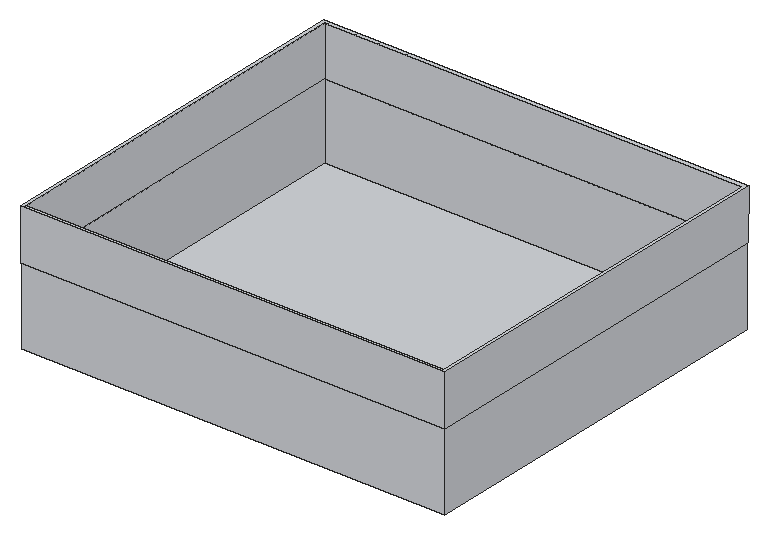
Revit family "Hager-Vega_D-IP30-vide-FR-fr", category Electrical Equipment, host Face, Revit 2020
Family settings
  Host = Face
  Panel Configuration = Two Columns, Circuits Across
  Round Connector Dimension = Use Diameter
  Part Type = Panelboard
  Cut with Voids When Loaded = No
  Shared = No
  Room Calculation Point = No
Parameters (values of type "Encastré IP30 L600 H537 P182 24 Modules - FU22AN")
  Width Control [instance] = if([HG000006 - Encastré], if([EF000846 - largeur d'encastrement] > min_whd, [EF000846 - largeur d'encastrement], min_whd), if([EF000008 - largeur] > min_whd, ([EF000008 - largeur]), min_whd))  # 600 mm
  Void Depth [instance] = if([HG000006 - Encastré], Depth Control, 1 mm)  # 110 mm
  Type Comments = [HG000003 - Gamme]  # "Vega D"
  System Height [instance] = Height Control - 2 * [HG000005 - Epaisseur]  # 531 mm
  Model = [HG000004 - Référence fabricant]  # "FU22AN"
  HG000017 - Distance entre pôles = 18 mm
  HG000016 - Visibilité de la porte 3D [instance] = yes
  HG000015 - Visibilité de l'emprise de la porte [instance] = no
  HG000014 - Porte à droite [instance] = yes
  HG000013 - Porte à gauche [instance] = not([HG000014 - Porte à droite])  # no
  HG000012 - Angle de pivotement de la porte [instance] = 45.00°
  HG000011 - Rangées du bas vides = no
  HG000010 - Portes asymétriques = no
  HG000009 - Porte à double battant = no
  HG000008 - Nombre de rangées vides = 0
  HG000007 - Nombre de colonnes vides = 0
  HG000006 - Encastré = yes
  HG000005 - Epaisseur = 3 mm  # constant formula
  HG000004 - Référence fabricant = "FU22AN"
  HG000003 - Gamme = "Vega D"
  HG000002 - avec porte = no
  HG000001 - nombre de colonnes = 0
  EF015941 - porte pour transmission du signal = no
  EF015777 - borne à conducteur neutre = no
  EF015776 - borne de mise à la terre = no
  EF009212 - finition du couvercle = "EV009916 - avec échancrure"
  EF006306 - avec serrure = no
  EF006244 - couvercle/porte transparent(e) = no
  EF005474 - indice de protection (IP) = "EV006410 - IP30"
  EF004462 - type de fermeture = ""
  EF002950 - largeur en nombre de modules = 24
  EF001596 - matériau du boîtier/corps = "EV000154 - autre"
  EF001134 - rail DIN = yes
  EF001131 - profondeur intérieure = 110 mm
  EF001088 - possibilité de montage en saillie = yes
  EF001062 - finition CEM = no
  EF000846 - largeur d'encastrement = 600 mm
  EF000339 - type de capot = "EV000494 - sans"
  EF000332 - hauteur d'encastrement = 537 mm
  EF000266 - nombre de rangées = 0
  EF000218 - profondeur d'encastrement = 110 mm
  EF000118 - avec cadre/support de montage = no
  EF000116 - numéro RAL = "9010"
  EF000049 - profondeur = 182 mm
  EF000040 - hauteur = 537 mm
  EF000008 - largeur = 600 mm
  EF000007 - couleur = "EV000202 - blanc"
  EF000003 - mode de pose = "EV000383 - encastré"
  Arrow Offset [instance] = Depth Control / 8  # 13.75 mm
  Arrow Height [instance] = Depth Control - Arrow Offset  # 96.25 mm
  Host Offset [instance] = if([HG000006 - Encastré], 0 mm, [EF000049 - profondeur])  # 0 mm
  min_whd [instance] = (2 * [HG000005 - Epaisseur]) + 1 mm  # 7 mm
  Manufacturer = "Hager"  # constant formula
  Height Control [instance] = if([HG000006 - Encastré], if([EF000332 - hauteur d'encastrement] > min_whd, [EF000332 - hauteur d'encastrement], min_whd), if([EF000040 - hauteur] > min_whd, ([EF000040 - hauteur]), min_whd))  # 537 mm
  Flush Mounted - Door Frame Width [instance] = if(([EF000040 - hauteur] - [EF000332 - hauteur d'encastrement]) > 0 mm, if([HG000006 - Encastré], [EF000040 - hauteur] - [EF000332 - hauteur d'encastrement], 0 mm), 0 mm)  # 0 mm
  Depth Control [instance] = if([HG000006 - Encastré], if([EF000218 - profondeur d'encastrement] > 0 mm, [EF000218 - profondeur d'encastrement], 1 mm), if([EF000049 - profondeur] > 0 mm, ([EF000049 - profondeur]), 1 mm))  # 110 mm
  Default Elevation = 0 mm
Reference planes
  plane 1 "Center (Front/Back)": y = 0
  plane 2: z = 0
  plane 3 "Center (Left/Right)": x = 0
  plane 4: z = 0
  plane 5: y = 3
  plane 6: z = -5
  plane 7: y = 268.5
  plane 8: y = 0
  plane 9: y = 537
  plane 10: z = -110
  plane 11: x = -300
  plane 12: x = 300
  plane 13: x = 297
  plane 14: x = -297
  plane 15: y = 534
  plane 16: z = -107
  plane 17: z = -3
  plane 18: z = -110
  plane 19: z = -3
Forms (mm)
  Extrusion 1, solid
    sketch origin (-583.045, 0, 1219.2) x (-1, 0, 0) y (0, 0, 1)
      loop
        line (-283.045, -1219.2) -> (-883.045, -1219.2) -> (-883.045, -1329.2) -> (-283.045, -1329.2) -> (-283.045, -1219.2)
    from 0 to 537 <- "Height Control"
  Extrusion 2, void
    sketch origin (-381.607, -4572, 0) x (0, -1, 0) y (-1, 0, 0)
      loop
        line (-5106, -84.607) -> (-5106, -678.607) -> (-4575, -678.607) -> (-4575, -84.607) -> (-5106, -84.607)
    from 0 to 107
  Extrusion 3, void
    sketch origin (0, 0, 0) x (1, 0, 0) y (0, 1, 0)
      loop
        line (-300, 0) -> (300, 0) -> (300, 537) -> (-300, 537) -> (-300, 0)
    from -110 to 1
  Extrusion 4, solid, detail levels coarse+medium
    sketch origin (-381.607, -4572, 0) x (-1, 0, 0) y (0, -1, 0)
      loop
        line (-84.607, -5106) -> (-84.607, -4575) -> (-678.607, -4575) -> (-678.607, -5106) -> (-84.607, -5106)
    from 0 to -3
Cuts and joins
  Extrusion 2 cuts Extrusion 1
Dimensions and locks
  plane 4 to plane 6 = 5 mm
  "Host Offset": plane 4 to host face
  "Flush Mounted - Door Frame Width": plane 1 "Center (Front/Back)" to plane 8
  "HG000005 - Epaisseur": plane 5 to plane 8
  locked: connector elem to plane 3 "Center (Left/Right)"
  "Height Control": plane 9 to plane 8
  equal spacing: plane 9, plane 7, plane 8
  locked: connector elem to plane 7
  "Depth Control": plane 4 to plane 10
  "HG000005 - Epaisseur": plane 11 to plane 14
  "HG000005 - Epaisseur": plane 12 to plane 13
  equal spacing: plane 11, plane 3 "Center (Left/Right)", plane 12
  "Width Control": plane 11 to plane 12
  "Arrow Offset": nested 4 to plane 10
  "HG000005 - Epaisseur": plane 9 to plane 15
  "HG000005 - Epaisseur": plane 16 to plane 10
  "HG000005 - Epaisseur": plane 4 to plane 17
  "Void Depth": plane 2 to plane 18
  "HG000005 - Epaisseur": plane 4 to plane 19
  aligned and locked: plane 2 to host face
  aligned and locked: level to host face
  aligned and locked: plane 3 "Center (Left/Right)" to nested 2
  aligned and locked: nested 2 to plane 4
  aligned and locked: nested 2 to plane 8
  aligned and locked: nested 1 to plane 6
  aligned and locked: nested 1 to plane 5
  aligned and locked: nested 4 to plane 11
  aligned and locked: nested 3 to plane 4
  aligned and locked: Extrusion 1 sketch curve to plane 12
  aligned and locked: Extrusion 1 sketch curve to plane 11
  aligned and locked: nested 3 to plane 10
  aligned and locked: plane 10 to Extrusion 1 sketch curve
  aligned and locked: Extrusion 2 sketch curve to plane 5
  aligned and locked: Extrusion 2 sketch curve to plane 15
  aligned and locked: Extrusion 2 sketch curve to plane 14
  aligned and locked: Extrusion 2 sketch curve to plane 13
  aligned and locked: plane 11 to Extrusion 3 sketch curve
  aligned and locked: plane 9 to Extrusion 3 sketch curve
  aligned and locked: Extrusion 3 sketch curve to plane 8
  aligned and locked: plane 12 to Extrusion 3 sketch curve
  aligned and locked: nested 3 to plane 12
  aligned and locked: Extrusion 3 to plane 18
  aligned and locked: Extrusion 2 to plane 16
  aligned and locked: Extrusion 1 sketch curve to plane 4
  aligned and locked: Extrusion 4 to plane 17
  aligned and locked: Extrusion 4 sketch curve to plane 15
  aligned and locked: Extrusion 4 sketch curve to plane 13
  aligned and locked: Extrusion 4 sketch curve to plane 14
  aligned and locked: Extrusion 4 sketch curve to plane 5
Automatic sketch dimensions
  host sketch curve to host sketch curve = 1469.727 mm
  host sketch curve to host sketch curve = 1434.803 mm
Nested families
  nested 1: "Hager_Enclosure_System" at (0, 3, -5) x (1, 0, 0) z (0, 1, 0), Depth <- "HG000005 - Epaisseur", Height <- "System Height", Width <- "EF000008 - largeur", Border <- "HG000005 - Epaisseur", Flush_Mounted <- "HG000006 - Encastré", Built-in_Width <- "EF000846 - largeur d'encastrement", Row_Module_Multiplicator <- "EF002950 - largeur en nombre de modules", Total_No_Empty_Rows <- "HG000008 - Nombre de rangées vides", Total_No_Rows <- "EF000266 - nombre de rangées", Empty_Columns <- "HG000007 - Nombre de colonnes vides", Width_Control <- "Width Control", Empty_Rows_From_Bottom <- "HG000011 - Rangées du bas vides", Distance_Between_Poles <- "HG000017 - Distance entre pôles", Rows_Count <- "EF000266 - nombre de rangées", Columns_Count <- "HG000001 - nombre de colonnes", type "Hager_Enclosure_System", detail levels fine
    with Width_Control 600 mm, Width 600 mm, Total_No_Rows 0, Total_No_Empty_Rows 0, Total_No_Columns 1, System_Width 594 mm, Rows_Count 0, Rows_Column 0, Row_Module_Multiplicator 24, Panel_4 no, Panel_3 no, Panel_2 no, Panel_1 no, No_Panels_Ctrl 1, Hide_Columns yes, Height 531 mm, Flush_Mounted yes, Empty_Rows_From_Bottom no, Empty_Rows_Column 0, Empty_Columns 0, Distance_Between_Poles 18 mm, Depth 3 mm, Columns_Count 0, Column_Width 594 mm, Built-in_Width 600 mm, Border 3 mm
  nested 2: "Hager_Enclosure_Door" at (0, 0, 0) x (1, 0, 0) z (0, 1, 0), Border <- "HG000005 - Epaisseur", Door_Right <- "HG000014 - Porte à droite", Flush_Mounted <- "HG000006 - Encastré", Depth <- "EF000049 - profondeur", Width <- "EF000008 - largeur", Door_Left <- "HG000013 - Porte à gauche", 3d_Door <- "HG000016 - Visibilité de la porte 3D", BuiltIn_Width <- "EF000846 - largeur d'encastrement", BuiltIn_Height <- "EF000332 - hauteur d'encastrement", BuiltIn_Depth <- "EF000218 - profondeur d'encastrement", Angle <- "HG000012 - Angle de pivotement de la porte", Assymetrical <- "HG000010 - Portes asymétriques", Double <- "HG000009 - Porte à double battant", Clearance <- "HG000015 - Visibilité de l'emprise de la porte", Transparent <- "EF006244 - couvercle/porte transparent(e)", Door <- "HG000002 - avec porte", Height_Ctrl <- "Height Control", Width_Ctrl <- "Width Control", Height <- "EF000040 - hauteur", type "Hager_Enclosure_Door", detail levels medium+fine
    with min_wh 7 mm, Width_Ctrl 600 mm, Width 600 mm, Transparent_Door_No_Bottom_Border no, Transparent no, Leaf_Width 591 mm, Leaf_Tolerance 1.5 mm, Leaf_Height 528 mm, Leaf_2_Width 591 mm, Leaf_2_Offset 295.5 mm, Leaf_1_Width 591 mm, Leaf_1_Offset 295.5 mm, Height_Ctrl 537 mm, Height 537 mm, Frame_Width_Ctrl 1 mm, Frame_Width 0 mm, Frame_Internal_Offset 3 mm, Frame_Height_Ctrl 1 mm, Frame_Height 0 mm, Frame_Depth_Ctrl 72 mm, Frame_Depth 72 mm, Flush_Mounted yes, Double_Clearance_Ctrl no, Double no, Door_Right_Ctrl no, Door_Right yes, Door_Left_Ctrl no, Door_Left no, Door no, Depth 182 mm, Clearance_Depth 591 mm, Clearance_Ctrl no, Clearance no, BuiltIn_Width 600 mm, BuiltIn_Height 537 mm, BuiltIn_Depth 110 mm, Border 3 mm, Assymetrical no, Angle 45.00°, 3d_Door yes
  nested 3: "Hager_Enclosure_Symbol_Triangle" at (-300, 0, -110) x (1, 0, 0) z (0, -1, 0), Depth <- "Depth Control", Width <- "Width Control", type "Hager_Enclosure_Symbol_Triangle"
    with Width_Ctrl 600 mm, Width 600 mm, Depth_Ctrl 110 mm, Depth 110 mm
  nested 4: "Hager_Enclosure_Symbol_Arrow" at (-300, 0, -96.25) x (1, 0, 0) z (0, -1, 0), Height <- "Arrow Height", type "Hager_Enclosure_Symbol_Arrow"
    with Width_Inside 7.219 mm, Width 86.625 mm, Height_Ctrl 96.25 mm, Height 96.25 mm
Connectors
  electrical at (0, 268.5, -110)
    settings: on plane 10, index 1, voltage 0 V, apparent load 0 VA, apparent load phase1 0 VA, apparent load phase2 0 VA, apparent load phase3 0 VA, power factor 1, load classification "Other", number of poles 1, system type 30, power factor state 1, is connector primary yes, connector utility no, sub classification motor no, connector description ""
Definition of nested family "Hager_Enclosure_Door"
  Parameters (values of type "Hager_Enclosure_Door")
    min_wh [instance] = (2 * Border) + 1 mm  # 11 mm
    Width_Ctrl [instance] = 400 mm
    Width [instance] = 500 mm
    Transparent_Door_No_Bottom_Border [instance] = no
    Transparent [instance] = yes
    Leaf_Width [instance] = if((Width_Ctrl - 2 * Border - 2 * Leaf_Tolerance) > 0 mm, (Width_Ctrl - 2 * Border - 2 * Leaf_Tolerance), min_wh)  # 387 mm
    Leaf_Tolerance [instance] = 1.5 mm  # constant formula
    Leaf_Height [instance] = if((Height_Ctrl - 2 * Border - 2 * Leaf_Tolerance) > 0 mm, (Height_Ctrl - 2 * Border - 2 * Leaf_Tolerance), min_wh)  # 387 mm
    Leaf_2_Width [instance] = if(and(and(Double, Assymetrical), Door_Left), (Leaf_Width / 3) - (Leaf_Tolerance / 2), if(and(and(Double, Assymetrical), Door_Right), (Leaf_Width / 3) * 2 - (Leaf_Tolerance / 2), if(and(Double, not(Assymetrical)), (Leaf_Width / 2) - Leaf_Tolerance, Leaf_Width)))  # 387 mm
    Leaf_2_Offset [instance] = if(and(Double, Assymetrical), Leaf_2_Width / 2, if(and(Double, not(Assymetrical)), Leaf_Width / 4, Leaf_Width / 2))  # 193.5 mm
    Leaf_1_Width [instance] = if(and(and(Double, Assymetrical), Door_Right), (Leaf_Width / 3) - (Leaf_Tolerance / 2), if(and(and(Double, Assymetrical), Door_Left), (Width / 3) * 2 - (Leaf_Tolerance / 2), if(and(Double, not(Assymetrical)), (Leaf_Width / 2) - Leaf_Tolerance, Leaf_Width)))  # 387 mm
    Leaf_1_Offset [instance] = if(and(Double, Assymetrical), Leaf_1_Width / 2, if(and(Double, not(Assymetrical)), Leaf_Width / 4, Leaf_Width / 2))  # 193.5 mm
    Height_Ctrl [instance] = 400 mm
    Height [instance] = 500 mm
    Frame_Width_Ctrl [instance] = if(Frame_Width > 0 mm, Frame_Width, 1 mm)  # 1 mm
    Frame_Width [instance] = Width - BuiltIn_Width  # 0 mm
    Frame_Internal_Offset [instance] = if(Flush_Mounted, Border, 0 mm)  # 5 mm
    Frame_Height_Ctrl [instance] = if(Frame_Height > 0 mm, Frame_Height, 1 mm)  # 1 mm
    Frame_Height [instance] = Height - BuiltIn_Height  # 0 mm
    Frame_Depth_Ctrl [instance] = if(Frame_Depth > 0 mm, Frame_Depth, 1 mm)  # 1 mm
    Frame_Depth [instance] = if(Depth - BuiltIn_Depth > 0 mm, if(Flush_Mounted, Depth - BuiltIn_Depth, 0 mm), 0 mm)  # 0 mm
    Flush_Mounted [instance] = yes
    Double_Clearance_Ctrl [instance] = and(Double, Clearance)  # no
    Double [instance] = no
    Door_Right_Ctrl [instance] = and(or(Door_Right, Double), Door)  # yes
    Door_Right [instance] = yes
    Door_Left_Ctrl [instance] = and(or(Door_Left, Double), Door)  # no
    Door_Left [instance] = no
    Door [instance] = yes
    Depth [instance] = 500 mm
    Default Elevation = 1219.2 mm
    Clearance_Material = none
    Clearance_Depth [instance] = if(Leaf_1_Width > Leaf_2_Width, Leaf_1_Width, Leaf_2_Width)  # 387 mm
    Clearance_Ctrl [instance] = and(not(Double), Clearance)  # yes
    Clearance [instance] = yes
    BuiltIn_Width [instance] = 500 mm
    BuiltIn_Height [instance] = 500 mm
    BuiltIn_Depth [instance] = 500 mm
    Border [instance] = 5 mm
    Assymetrical [instance] = yes
    Angle [instance] = 30.00°
    3d_Door [instance] = yes
  Reference planes
    plane 1 "Center (Front/Back)": y = 0
    plane 2 "Bottom": z = 0
    plane 3 "Center (Left/Right)": x = 0
    plane 4: z = 400
    plane 5: x = -200
    plane 6: x = 200
    plane 7: z = 395
    plane 8: x = -195
    plane 9: z = 5
    plane 10: x = 195
    plane 11: y = 0
    plane 12: z = 6.5
    plane 13: x = -582
    plane 14: y = -387
    plane 15: x = 582
    plane 16: x = 0
    plane 17: x = 0
    plane 18: x = -193.5
    plane 19: x = 193.5
    plane 20: z = 393.5
  Forms (mm)
    Extrusion 1, solid, visible <- "Flush_Mounted"
      sketch origin (0, 0, 0) x (1, 0, 0) y (0, 0, 1)
        loop
          line (195, 5) -> (195, 395) -> (-195, 395) -> (-195, 5) -> (195, 5)
        loop
          line (-201, 401) -> (-201, -1) -> (201, -1) -> (201, 401) -> (-201, 401)
      from 0 to 1 <- "Frame_Depth_Ctrl"
    Extrusion 2, solid, material <- "Clearance_Material", visible <- "Double_Clearance_Ctrl"
      sketch origin (1200, 0, 0) x (1, 0, 0) y (0, 0, -1)
        loop
          line (-1782, -393.5) -> (-618, -393.5) -> (-618, 0) -> (-1782, 0) -> (-1782, -393.5)
      from 0 to -387
  Dimensions and locks
    equal spacing: plane 5, plane 3 "Center (Left/Right)", plane 6
    "Width_Ctrl": plane 5 to plane 6
    "Border": plane 5 to plane 8
    "Border": plane 6 to plane 10
    "Border": plane 9 to level
    "Border": plane 4 to plane 7
    "Height_Ctrl": plane 4 to level
    "Leaf_Tolerance": plane 12 to plane 9
    "Frame_Depth": plane 11 to plane 1 "Center (Front/Back)"
    "Frame_Width_Ctrl": plane 5 to Extrusion 1 sketch curve
    "Frame_Width_Ctrl": plane 6 to Extrusion 1 sketch curve
    "Frame_Width_Ctrl": Extrusion 1 sketch curve to plane 4
    "Frame_Width_Ctrl": plane 2 "Bottom" to Extrusion 1 sketch curve
    "Leaf_1_Offset": plane 18 to plane 16
    "Leaf_2_Offset": plane 17 to plane 19
    "Leaf_1_Width": plane 13 to plane 8
    "Leaf_2_Width": plane 10 to plane 15
    "Clearance_Depth": plane 14 to plane 1 "Center (Front/Back)"
    "Leaf_Tolerance": plane 8 to plane 18
    "Leaf_Tolerance": plane 19 to plane 10
    "Leaf_Tolerance": plane 7 to plane 20
    "Frame_Internal_Offset": plane 5 to Extrusion 1 sketch curve
    "Frame_Internal_Offset": Extrusion 1 sketch curve to plane 2 "Bottom"
    "Frame_Internal_Offset": plane 6 to Extrusion 1 sketch curve
    "Frame_Internal_Offset": plane 4 to Extrusion 1 sketch curve
    aligned and locked: level to plane 2 "Bottom"
    aligned and locked: nested 1 to plane 16
    aligned and locked: nested 2 to plane 17
    aligned and locked: Extrusion 2 to plane 13
    aligned and locked: plane 15 to Extrusion 2
    aligned and locked: Extrusion 2 to plane 14
    aligned and locked: plane 12 to nested 1
    aligned and locked: nested 2 to plane 12
    aligned and locked: Extrusion 2 to plane 11
    aligned and locked: plane 20 to Extrusion 2
    aligned and locked: nested 2 to plane 11
    aligned and locked: nested 1 to plane 11
  Automatic sketch dimensions
    Extrusion 2 sketch curve to level = 0 mm
    plane 5 to Extrusion 2 sketch curve = 382 mm
    plane 6 to Extrusion 2 sketch curve = 382 mm
    Extrusion 2 sketch curve to plane 4 = 6.5 mm
  Nested families
    nested 1: "Hager_Enclosure_Door_Leaf" at (0, 0, 6.5), Width <- "Leaf_1_Width", visible <- "Door_Left_Ctrl", Leaf_Height <- "Leaf_Height", Angle <- "Angle", Depth <- "Border", 3d_Door <- "3d_Door", Transparent <- "Transparent", Clearance Material <- "Clearance_Material", Clearance <- "Clearance_Ctrl", Transparent_Door_No_Bottom_Border <- "Transparent_Door_No_Bottom_Border", type "Hager_Enclosure_Door_Leaf"
      with Width 387 mm, Transparent_Door_No_Bottom_Border no, Transparent_Door_Border_Bottom_Top 25 mm, Transparent_Door_Border 25 mm, Transparent_Ctrl yes, Transparent yes, Standard no, Leaf_Height 387 mm, Glass_Offset 1 mm, Depth 5 mm, Clearance Material none, Clearance yes, Angle_Ctrl 30.00°, Angle 30.00°, 3d_Door yes
    nested 2: "Hager_Enclosure_Door_Leaf" at (0, 0, 6.5) x (-1, 0, 0) z (0, 0, 1), Width <- "Leaf_2_Width", visible <- "Door_Right_Ctrl", Leaf_Height <- "Leaf_Height", Angle <- "Angle", Depth <- "Border", 3d_Door <- "3d_Door", Transparent <- "Transparent", Clearance Material <- "Clearance_Material", Clearance <- "Clearance_Ctrl", Transparent_Door_No_Bottom_Border <- "Transparent_Door_No_Bottom_Border", type "Hager_Enclosure_Door_Leaf"
      with Width 387 mm, Transparent_Door_No_Bottom_Border no, Transparent_Door_Border_Bottom_Top 25 mm, Transparent_Door_Border 25 mm, Transparent_Ctrl yes, Transparent yes, Standard no, Leaf_Height 387 mm, Glass_Offset 1 mm, Depth 5 mm, Clearance Material none, Clearance yes, Angle_Ctrl 30.00°, Angle 30.00°, 3d_Door yes
  Definition of nested family "Hager_Enclosure_Door_Leaf"
    Parameters (values of type "Hager_Enclosure_Door_Leaf")
      Width [instance] = 2000 mm
      Transparent_Door_No_Bottom_Border [instance] = yes
      Transparent_Door_Border_Bottom_Top [instance] = if(Transparent_Door_No_Bottom_Border, 0.1 mm, Transparent_Door_Border)  # 0.1 mm
      Transparent_Door_Border [instance] = if(Transparent_Door_No_Bottom_Border, (Width * 0.12), 25 mm)  # 240 mm
      Transparent_Ctrl [instance] = and(Transparent, [3d_Door])  # yes
      Transparent [instance] = yes
      Standard [instance] = and(not(Transparent), [3d_Door])  # no
      Leaf_Height [instance] = 2720.336 mm
      Glass_Offset [instance] = if((Depth - 10 mm) / 2 > 0 mm, (Depth - 10 mm) / 2, 1 mm)  # 15 mm
      Glass_Material = none
      Depth [instance] = 40 mm
      Default Elevation = 0 mm
      Clearance Material [instance] = none
      Clearance [instance] = yes
      Angle_Ctrl [instance] = if(Angle > 170.00°, 170.00°, Angle)  # 45.00°
      Angle [instance] = 45.00°
      3d_Door [instance] = yes
    Reference planes
      plane 1 "Center (Front/Back)": y = 0
      plane 2: z = 0
      plane 3 "Center (Left/Right)": x = 0
      plane 4: y = 2000
      plane 5: x = -1000
      plane 6: x = 1000
      plane 7: x = -3000
      plane 8: z = 2720.336
      plane 9: z = 0.1
      plane 10: z = 2720.236
      plane 11: x = 760
      plane 12: x = -760
    Forms (mm)
      Extrusion 1, solid, material <- "Clearance Material", visible <- "Clearance"
        sketch origin (0, 0, 0) x (1, 0, 0) y (0, 0, 1)
          loop
            line (-3000, 2720.336) -> (-3000, 0) -> (1000, 0) -> (1000, 2720.336) -> (-3000, 2720.336)
        from 0 to -2000
      Extrusion 2, solid, visible <- "Standard", detail levels medium+fine
        sketch origin (-1000, 0, 0) x (0.707107, 0.707107, 0) y (-0.707107, 0.707107, 0)
          loop
            line (0, -40) -> (2000, -40) -> (2000, 0) -> (0, 0) -> (0, -40)
        from 0 to 2720.336 <- "Leaf_Height"
      Extrusion 3, solid, visible <- "Transparent_Ctrl", detail levels medium+fine
        sketch origin (-1000, 0, 0) x (0.707107, 0.707107, 0) y (-0.707107, 0.707107, 0)
          loop
            line (0, -40) -> (2000, -40) -> (2000, 0) -> (0, 0) -> (0, -40)
        from 0 to 2720.336 <- "Leaf_Height"
      Extrusion 4, void, detail levels medium+fine
        sketch origin (-1000, 0, 0) x (-0.707107, 0.707107, 0) y (0.707107, 0.707107, 0)
          loop
            line (0, 240) -> (0, 1760) -> (-40, 1760) -> (-40, 240) -> (0, 240)
        from -2720.236 to -0.1
      Extrusion 5, solid, material <- "Glass_Material", visible <- "Transparent_Ctrl", detail levels medium+fine
        sketch origin (-1000, 0, 0) x (0.707107, 0.707107, 0) y (-0.707107, 0.707107, 0)
          loop
            line (240, -15) -> (240, -25) -> (1760, -25) -> (1760, -15) -> (240, -15)
        from 0.1 to 2720.236
    Cuts and joins
      Extrusion 4 cuts Extrusion 3
    Lines and regions (mm)
      symbolic lines
        curve 1: line (1000, 0, 0) -> (-3000, 0, 0)
        curve 2: arc (1000, 0, 0) -> (-1000, 2000, 0) -> (-3000, 0, 0) r 2000
        curve 4: line (-1000, 0, 0) -> (414.214, 1414.214, 0)
      reference lines
        curve 3: line (-1000, 0, 0) -> (414.214, 1414.214, 0)
      symbolic lines, detail levels medium+fine
        curve 5: line (414.214, 1414.214, 0) -> (442.498, 1385.929, 0)
        curve 6: line (442.498, 1385.929, 0) -> (-971.716, -28.284, 0)
        curve 7: line (-971.716, -28.284, 0) -> (-1000, 0, 0)
        curve 8: line (-1000, 0, 2720.336) -> (1000, 0, 2720.336)
        curve 9: line (-1000, 0, 0) -> (-1000, 0, 2720.336)
        curve 10: line (1000, 0, 0) -> (-1000, 0, 0)
        curve 11: line (1000, 0, 2720.336) -> (1000, 0, 0)
      symbolic lines, visible <- "Transparent_Ctrl", detail levels medium+fine
        curve 12: line (-760, 0, 2720.236) -> (760, 0, 2720.236)
        curve 13: line (-760, 0, 0.1) -> (-760, 0, 2720.236)
        curve 14: line (760, 0, 0.1) -> (-760, 0, 0.1)
        curve 15: line (760, 0, 2720.236) -> (760, 0, 0.1)
    Dimensions and locks
      "Width": plane 1 "Center (Front/Back)" to plane 4
      equal spacing: plane 5, plane 3 "Center (Left/Right)", plane 6
      "Width": plane 5 to plane 6
      "Width": plane 7 to plane 5
      "Leaf_Height": plane 8 to level
      "Depth": curve 6 to curve 3
      "Width": curve 5 to curve 3
      "Width": curve 3 to curve 3
      "Transparent_Door_Border": Extrusion 4 sketch curve to curve 7
      "Transparent_Door_Border": Extrusion 4 sketch curve to curve 5
      "Transparent_Door_Border_Bottom_Top": plane 8 to plane 10
      "Transparent_Door_Border_Bottom_Top": plane 9 to level
      "Glass_Offset": Extrusion 5 sketch curve to curve 4
      "Glass_Offset": Extrusion 5 sketch curve to curve 6
      "Transparent_Door_Border": Extrusion 5 sketch curve to curve 5
      "Transparent_Door_Border": Extrusion 5 sketch curve to curve 7
      "Transparent_Door_Border": plane 12 to plane 5
      "Transparent_Door_Border": plane 6 to plane 11
      "Angle_Ctrl": angle plane 1 "Center (Front/Back)" to curve 3
      aligned and locked: level to plane 2
      aligned and locked: Extrusion 1 to curve 1
      aligned and locked: plane 6 to Extrusion 1
      aligned and locked: Extrusion 1 to plane 1 "Center (Front/Back)"
      aligned and locked: plane 4 to Extrusion 1
      aligned and locked: plane 8 to Extrusion 1
      aligned and locked: curve 4 to curve 3
      aligned and locked: Extrusion 2 sketch curve to curve 7
      aligned and locked: Extrusion 2 sketch curve to curve 6
      aligned and locked: Extrusion 2 sketch curve to curve 5
      aligned and locked: Extrusion 2 sketch curve to curve 3
      aligned and locked: curve 7 to Extrusion 3 sketch curve
      aligned and locked: Extrusion 3 sketch curve to curve 4
      aligned and locked: Extrusion 3 sketch curve to curve 6
      aligned and locked: Extrusion 3 sketch curve to curve 5
      aligned and locked: curve 4 to Extrusion 4 sketch curve
      aligned and locked: curve 6 to Extrusion 4 sketch curve
      aligned and locked: Extrusion 4 to plane 9
      aligned and locked: Extrusion 4 to plane 10
      aligned and locked: Extrusion 5 to plane 9
      aligned and locked: Extrusion 5 to plane 10
      aligned and locked: curve 8 to plane 8
      aligned and locked: plane 5 to curve 9
      aligned and locked: plane 2 to curve 10
      aligned and locked: curve 11 to plane 6
      aligned and locked: plane 10 to curve 12
      aligned and locked: plane 12 to curve 13
      aligned and locked: curve 14 to plane 9
      aligned and locked: plane 11 to curve 15
    Automatic sketch dimensions
      plane 1 "Center (Front/Back)" to curve 2 = 0 mm
      curve 2 to plane 5 = 0 mm
      Extrusion 1 sketch curve to level = 0 mm
      Extrusion 1 sketch curve to plane 7 = 0 mm
      Extrusion 1 sketch curve to plane 6 = 0 mm
      Extrusion 1 sketch curve to plane 8 = 0 mm
      plane 1 "Center (Front/Back)" to curve 3 = 0 mm
      curve 3 to plane 5 = 0 mm
      curve 7 to curve 3 = 0 mm
Definition of nested family "Hager_Enclosure_Symbol_Triangle"
  Parameters (values of type "Hager_Enclosure_Symbol_Triangle")
    Width_Ctrl [instance] = if(Width > 1 mm, Width, 1 mm)  # 498 mm
    Width [instance] = 498 mm
    Depth_Ctrl [instance] = if(Depth > 1 mm, Depth, 1 mm)  # 72 mm
    Depth [instance] = 72 mm
  Reference planes
    plane 1 "Centre (avant/arrière)": y = 0
    plane 2: z = 0
    plane 3 "Centre (gauche/droite)": x = 0
  Lines and regions (mm)
    Filled region 1, type "Solid_Black", in view "Niveau de réf."
      outline origin (0, 0, 0) x (1, 0, 0) y (0, 1, 0)
        loop
          line (0, 0) -> (498, 0) -> (498, 72) -> (0, 0)
    reference lines, in view "Niveau de réf."
      curve 1: line (-206.153, 72, 0) -> (1083.258, 72, 0)
      curve 2: line (498, 405.456, 0) -> (498, -517.619, 0)
  Dimensions and locks
    "Depth_Ctrl": plane 1 "Centre (avant/arrière)" to curve 1
    "Width_Ctrl": plane 3 "Centre (gauche/droite)" to curve 2
    aligned and locked: curve 1 to Filled region 1 sketch curve
    aligned and locked: Filled region 1 sketch curve to plane 1 "Centre (avant/arrière)"
    aligned and locked: curve 2 to Filled region 1 sketch curve
    aligned and locked: plane 3 "Centre (gauche/droite)" to Filled region 1 sketch curve
    aligned and locked: plane 1 "Centre (avant/arrière)" to Filled region 1 sketch curve
  Automatic sketch dimensions
    curve 1 to plane 3 "Centre (gauche/droite)" = 206.153 mm
    curve 2 to curve 1 = 585.258 mm
    plane 1 "Centre (avant/arrière)" to curve 2 = 517.619 mm
    curve 2 to plane 1 "Centre (avant/arrière)" = 405.456 mm
Definition of nested family "Hager_Enclosure_Symbol_Arrow"
  Parameters (values of type "Hager_Enclosure_Symbol_Arrow")
    Width_Inside [instance] = if(Width / 12 > 2 mm, Width / 12, 2 mm)  # 4.987 mm
    Width [instance] = if(Height_Ctrl * 0.9 > 2 mm, Height_Ctrl * 0.9, 2 mm)  # 59.85 mm
    Height_Ctrl [instance] = if(Height > 2 mm, Height, 2 mm)  # 66.5 mm
    Height [instance] = 66.5 mm
  Reference planes
    plane 1 "Centre (avant/arrière)": y = 0
    plane 2: z = 0
    plane 3 "Centre (gauche/droite)": x = 0
    plane 4: x = 59.85
    plane 5: y = 28.263
    plane 6: y = 38.238
    plane 7: y = 66.5
    plane 8: x = 29.925
    plane 9: y = 33.25
  Lines and regions (mm)
    Filled region 1, type "Solid_Black", in view "Niveau de réf."
      outline origin (0, 0, 0) x (1, 0, 0) y (0, 1, 0)
        loop
          line (59.85, 66.5) -> (37.929, 52.827) -> (51.846, 41.935) -> (59.85, 66.5)
    detail lines, in view "Niveau de réf."
      curve 1: line (0, 0, 0) -> (29.925, 38.238, 0)
      curve 2: line (29.925, 38.238, 0) -> (29.925, 28.263, 0)
      curve 3: line (29.925, 28.263, 0) -> (59.85, 66.5, 0)
  Dimensions and locks
    "Width": plane 3 "Centre (gauche/droite)" to plane 4
    "Height_Ctrl": plane 7 to plane 1 "Centre (avant/arrière)"
    equal spacing: plane 3 "Centre (gauche/droite)", plane 8, plane 4
    equal spacing: plane 7, plane 9, plane 1 "Centre (avant/arrière)"
    equal spacing: plane 6, plane 9, plane 5
    "Width_Inside": plane 6 to plane 9
    equal spacing: curve 3, Filled region 1 sketch curve, Filled region 1 sketch curve
    angle Filled region 1 sketch curve to curve 3 = 20.00°
    angle curve 3 to Filled region 1 sketch curve = 20.00°
    locked: curve 3 to Filled region 1 sketch curve (angle 90.00°)
  Automatic sketch dimensions
    plane 1 "Centre (avant/arrière)" to curve 1 = 0 mm
    curve 1 to plane 3 "Centre (gauche/droite)" = 0 mm
    curve 2 to plane 6 = 0 mm
    curve 3 to plane 8 = 0 mm
    curve 3 to plane 4 = 0 mm
    curve 2 to plane 5 = 0 mm
    curve 3 to plane 7 = 0 mm
    Filled region 1 sketch curve to plane 4 = 0 mm
    Filled region 1 sketch curve to plane 7 = 0 mm
